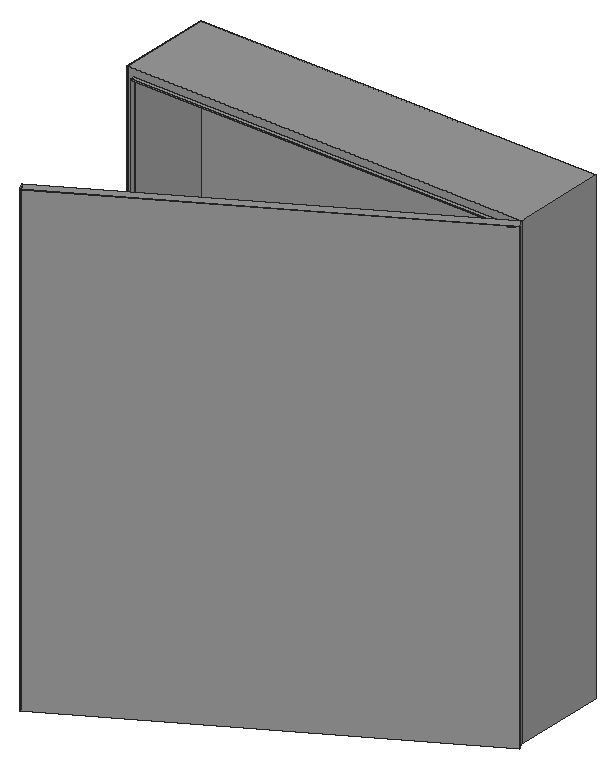
Revit family "Hager-Univers-IP44-D205-H950-Cl.I-encl-NoHosted-PL-en", category Equipement électrique, Revit 2020
Family settings
  Configuration du panneau = Deux colonnes, circuits au sein
  Cote de connecteur circulaire = Utiliser le diamètre
  Type d'élément = Tableau de raccordement
  Basée sur le plan de construction = Oui
  Toujours verticalement = Oui
  Couper avec des vides une fois chargée = Non
  Partagée = Non
  Point de calcul de pièce = Non
Parameters (values of type "Surface mounted (plaster) IP44 W800 H950 D205  - FP63TN2")
  Width Control [instance] = if([EF000008 - Width] > Min Width, [EF000008 - Width], Min Width)  # 800 mm
  Commentaires du type = [HG000003 - Range]  # "Univers"
  Thickness Door [instance] = if([EF009171 - Material plate thickness door/cover] > 3 mm, 3 mm, [EF009171 - Material plate thickness door/cover])  # 1 mm
  Seal Frame Offset [instance] = 17 mm  # constant formula
  Plinth Visibility [instance] = [HG000027 - Plinth height] > 0 mm  # no
  Min Width [instance] = 100 mm  # constant formula
  Min Depth [instance] = (2 * [EF009170 - Material plate thickness cabinet]) + 1 mm  # 3 mm
  Min Height [instance] = 100 mm  # constant formula
  Internal Frame Depth [instance] = (Door System Depth * 0.5)  # 9 mm
  Panel Name [instance] = ""  # (empty or 0)
  Model = ""
  HG000027 - Plinth height = 0 mm
  HG000026 - Floor standing = no
  HG000024 - Bottom section height = 600 mm
  HG000023 - Double section enclosure = no
  HG000016 - Door 3d visibility [instance] = yes
  HG000015 - Clearance visibility [instance] = no
  HG000014 - Door on the right [instance] = yes
  HG000013 - Door on the left [instance] = not([HG000014 - Door on the right])  # no
  HG000012 - Door swing angle [instance] = 30.00°
  HG000010 - Asymmetric doors = no
  HG000009 - Double swing door = no
  HG000006 - Flush mounted = no
  HG000004 - Manufacturer reference = "FP63TN2"
  HG000003 - Range = "Univers"
  HG000002 - With door or cover = yes
  Frame Offset Bottom [instance] = 10 mm  # constant formula
  Frame Offset [instance] = 15 mm  # constant formula
  EF015940 - Cover with overpressure release = no
  EF011959 - Degree of protection (NEMA) = ""
  EF009554 - Number of openings for flange plates = 6
  EF009212 - Cover model = "EV000116 - Closed"
  EF009171 - Material plate thickness door/cover = 1 mm
  EF009170 - Material plate thickness cabinet = 1 mm
  EF008873 - Nominal current (In) = 250 A
  EF007800 - Suitable for lightning protection = no
  EF006306 - With lock = no
  EF006244 - Transparent cover/door = no
  EF005474 - Degree of protection (IP) = "EV006418 - IP44"
  EF004464 - Type of door = "EV002646 - Single"
  EF004427 - Number of modules = 216
  EF004293 - Impact strength = "EV006815 - IK09"
  EF003532 - Suitable for outdoor use = no
  EF002950 - Width in number of modular spacings = 36
  EF001613 - Circuit integrity = "EV000494 - None"
  EF001596 - Material housing = "EV000179 - Steel"
  EF001131 - Internal depth = 130 mm
  EF001088 - Extension possible = yes
  EF000437 - Number of conduit inlets = 6
  EF000339 - Type of cover = "EV001012 - Cover"
  EF000266 - Number of rows = 6
  EF000218 - Built-in depth = 205 mm
  EF000118 - With mounting plate = no
  EF000116 - RAL-number = "9010"
  EF000049 - Depth = 205 mm
  EF000040 - Height = 950 mm
  EF000008 - Width = 800 mm
  EF000007 - Colour = "EV000202 - White"
  EF000003 - Mounting method = "EV000384 - Surface mounted (plaster)"
  Door System Leaf Tolerance [instance] = 1.5 mm  # constant formula
  Door System Depth [instance] = 18 mm  # constant formula
  Door Height [instance] = Height Control - [HG000027 - Plinth height]  # 950 mm
  Description = ""
  Default Elevation = 1219.2 mm
  Connector Offset [instance] = Height Control / 2  # 475 mm
  Fabricant = "Hager"  # constant formula
  Height Control [instance] = if([EF000040 - Height] > Min Height, [EF000040 - Height], Min Height)  # 950 mm
  Depth Control [instance] = if([EF000049 - Depth] > Min Depth, [EF000049 - Depth], Min Depth)  # 205 mm
  Bottom Top Plate Trim [instance] = 1.5 mm  # constant formula
  Plinth height Ctrl [instance] = if([HG000027 - Plinth height] > 0 mm, [HG000027 - Plinth height], 12 mm)  # 12 mm
Types (5, lengths in mm): name | Width Control | HG000010 - Asymmetric doors | HG000009 - Double swing door | HG000004 - Manufacturer reference | EF009554 - Number of openings for flange plates | EF004464 - Type of door | EF004427 - Number of modules | EF002950 - Width in number of modular spacings | EF000437 - Number of conduit inlets | EF000008 - Width
  Surface mounted (plaster) IP44 W1050 H950 D205  - FP64TN2 | 1050 | no | yes | "FP64TN2" | 8 | "EV003602 - Double" | 288 | 48 | 8 | 1050
  Surface mounted (plaster) IP44 W1300 H950 D205  - FP65TN2 | 1300 | yes | yes | "FP65TN2" | 10 | "EV003602 - Double" | 360 | 60 | 10 | 1300
  Surface mounted (plaster) IP44 W300 H950 D205  - FP61TN2 | 300 | no | no | "FP61TN2" | 2 | "EV002646 - Single" | 72 | 12 | 2 | 300
  Surface mounted (plaster) IP44 W550 H950 D205  - FP62TN2 | 550 | no | no | "FP62TN2" | 4 | "EV002646 - Single" | 144 | 24 | 4 | 550
  Surface mounted (plaster) IP44 W800 H950 D205  - FP63TN2 | 800 | no | no | "FP63TN2" | 6 | "EV002646 - Single" | 216 | 36 | 6 | 800
Reference planes
  plane 1 "Center (Front/Back)": y = 0
  plane 2: z = 0
  plane 3 "Center (Left/Right)": x = 0
  plane 4: y = 0
  plane 5: y = 0
  plane 6: z = 0
  plane 7: x = -400
  plane 8: x = 400
  plane 9: x = 399
  plane 10: x = -399
  plane 11: z = 0
  plane 12: z = 1
  plane 13: y = -205
  plane 14: y = -1
  plane 15: x = 0
  plane 16: y = -187
  plane 17: y = -204
  plane 18: y = -186
  plane 19: x = -384
  plane 20: x = 384
  plane 21: z = 11
  plane 22: x = -383
  plane 23: x = 383
  plane 24: z = 0
  plane 25: z = 950
  plane 26: z = 950
  plane 27: z = 934
  plane 28: z = 949
Forms (mm)
  Extrusion 1, solid, material "Hager_Steel_RAL7035_Light_Grey", detail levels medium+fine
    sketch origin (-208.679, -4572, 0) x (-1, 0, 0) y (0, -1, 0)
      loop
        line (191.321, -4385) -> (-608.679, -4385) -> (-608.679, -4572) -> (191.321, -4572) -> (191.321, -4385)
    from 0 to 950
  Extrusion 2, void
    sketch origin (-350.771, -205, 1219.2) x (1, 0, 0) y (0, 0, 1)
      loop
        line (-48.229, -270.2) -> (-48.229, -1218.2) -> (749.771, -1218.2) -> (749.771, -270.2) -> (-48.229, -270.2)
    from -19 to -204
  Extrusion 3, void
    sketch origin (-290.084, -187, 1219.2) x (1, 0, 0) y (0, 0, 1)
      loop
        line (-93.916, -1208.2) -> (674.084, -1208.2) -> (674.084, -285.2) -> (-93.916, -285.2) -> (-93.916, -1208.2)
    from 0 to -1
  Extrusion 4, solid, material "Hager_Steel_RAL7035_Light_Grey", visible <- "Plinth Visibility", detail levels medium+fine
    sketch origin (0, 0, 0) x (1, 0, 0) y (0, 1, 0)
      loop
        line (-400, 0) -> (-400, -187) -> (400, -187) -> (400, 0) -> (-400, 0)
    from 0 to 12 <- "Plinth height Ctrl"
  Extrusion 5, solid, material "Hager_Steel_RAL7035_Light_Grey", detail levels coarse
    sketch origin (0, 0, 0) x (1, 0, 0) y (0, 1, 0)
      loop
        line (-400, 0) -> (-400, -205) -> (400, -205) -> (400, 0) -> (-400, 0)
    from 0 to 950 <- "Height Control"
  Sweep 6, void
    path in 3D
      loop
        line (-400, -187, 12) -> (400, -187, 12) -> (400, 0, 12) -> (-400, 0, 12) -> (-400, -187, 12)
    profile origin (-400, -93.5, 12) x (1, 0, 0) y (0, 0, 1)
      loop
        line (0, 0) -> (0, -1.5) -> (1.5, -1.5)
        arc (1.5, -1.5) -> (1.061, -0.439) -> (0, 0) r 1.5
  Extrusion 7, solid, material "Hager_Steel_RAL7035_Light_Grey", detail levels fine
    sketch origin (-400, -187, 0) x (1, 0, 0) y (0, 0, 1)
      loop
        line (16, 11) -> (784, 11) -> (784, 934) -> (16, 934) -> (16, 11)
      loop
        line (15, 10) -> (785, 10) -> (785, 935) -> (15, 935) -> (15, 10)
    from 0 to 9 <- "Internal Frame Depth"
Cuts and joins
  Extrusion 2, Extrusion 3 cuts Extrusion 1
  Sweep 6 cuts Extrusion 4
Lines and regions (mm)
  Masking region 1
    outline origin (0, 0, 0) x (1, 0, 0) y (0, 1, 0)
      loop
        line (-400, 0) -> (-400, -205) -> (400, -205) -> (400, 0) -> (-400, 0)
  Masking region 2, detail levels coarse
    outline origin (-290.084, -187, 1219.2) x (-1, 0, 0) y (0, 0, 1)
      loop
        line (-690.084, -1219.2) -> (109.916, -1219.2) -> (109.916, -269.2) -> (-690.084, -269.2) -> (-690.084, -1219.2)
  Masking region 3, detail levels coarse
    outline origin (0, 0, 0) x (0, 1, 0) y (0, 0, 1)
      loop
        line (0, 0) -> (0, 950) -> (-205, 950) -> (-205, 0) -> (0, 0)
  Masking region 4, visible <- "Plinth Visibility", detail levels medium+fine
    outline origin (0, 0, 0) x (0, 1, 0) y (0, 0, 1)
      loop
        line (-1.5, 12) -> (-185.5, 12)
        arc (-185.5, 12) -> (-185.939, 10.939) -> (-187, 10.5) r 1.5
        line (-187, 10.5) -> (-187, 0) -> (0, 0) -> (0, 10.5)
        arc (0, 10.5) -> (-1.061, 10.939) -> (-1.5, 12) r 1.5
  Masking region 5, detail levels medium+fine
    outline origin (0, 0, 594.038) x (0, 1, 0) y (0, 0, 1)
      loop
        line (0, -594.038) -> (0, 355.962) -> (-187, 355.962) -> (-187, -594.038) -> (0, -594.038)
  Masking region 6, detail levels medium+fine
    outline origin (-359.7, -187, 1211.883) x (-1, 0, 0) y (0, 0, 1)
      loop
        line (-759.7, -1211.883) -> (40.3, -1211.883) -> (40.3, -261.883) -> (-759.7, -261.883) -> (-759.7, -1211.883)
  Masking region 7, visible <- "Plinth Visibility", detail levels medium+fine
    outline origin (-320.334, -187, 1041.368) x (-1, 0, 0) y (0, 0, 1)
      loop
        line (-720.334, -1041.368) -> (79.666, -1041.368) -> (79.666, -1030.868)
        arc (79.666, -1030.868) -> (78.606, -1030.429) -> (78.166, -1029.368) r 1.5
        line (78.166, -1029.368) -> (-718.834, -1029.368)
        arc (-718.834, -1029.368) -> (-719.273, -1030.429) -> (-720.334, -1030.868) r 1.5
        line (-720.334, -1030.868) -> (-720.334, -1041.368)
  sketch lines
    curve 1: line (-400, 0, 12) -> (-400, -187, 12)
    curve 2: line (-400, -187, 12) -> (400, -187, 12)
    curve 3: line (400, 0, 12) -> (-400, 0, 12)
    curve 4: line (400, -187, 12) -> (400, 0, 12)
Dimensions and locks
  locked: plane 1 "Center (Front/Back)" to plane 5
  "EF009170 - Material plate thickness cabinet": plane 7 to plane 10
  "EF009170 - Material plate thickness cabinet": plane 8 to plane 9
  equal spacing: plane 7, plane 3 "Center (Left/Right)", plane 8
  "Width Control": plane 7 to plane 8
  "Depth Control": plane 4 to plane 13
  "EF009170 - Material plate thickness cabinet": plane 4 to plane 14
  "Height Control": plane 25 to level
  "HG000027 - Plinth height": plane 11 to level
  "EF009170 - Material plate thickness cabinet": plane 12 to plane 11
  "EF009170 - Material plate thickness cabinet": plane 17 to plane 13
  "EF009170 - Material plate thickness cabinet": plane 18 to plane 16
  "Frame Offset Bottom": plane 21 to plane 12
  "Frame Offset": plane 10 to plane 19
  "Frame Offset": plane 9 to plane 20
  "Door System Depth": plane 16 to plane 13
  "Seal Frame Offset": plane 7 to plane 22
  "Seal Frame Offset": plane 8 to plane 23
  "EF009170 - Material plate thickness cabinet": plane 26 to plane 28
  "Frame Offset": plane 28 to plane 27
  "Connector Offset": plane 2 to connector elem
  "Bottom Top Plate Trim": profile plane to Sweep 6 sketch curve
  "Bottom Top Plate Trim": Sweep 6 sketch curve to Sweep 6 sketch curve
  "Plinth height Ctrl": Masking region 4 sketch curve to level
  "Plinth height Ctrl": Masking region 7 sketch curve to level
  "Thickness Door": Extrusion 7 sketch curve to Extrusion 7 sketch curve  (x4)
  "Bottom Top Plate Trim": radius of Sweep 6 sketch curve
  "Bottom Top Plate Trim": radius of Masking region 4 sketch curve  (x2)
  "Bottom Top Plate Trim": radius of Masking region 7 sketch curve  (x2)
  aligned and locked: Extrusion 2 sketch curve to plane 12
  aligned and locked: Extrusion 2 sketch curve to plane 9
  aligned and locked: Extrusion 2 sketch curve to plane 10
  aligned and locked: Extrusion 2 to plane 14
  aligned and locked: Extrusion 1 sketch curve to plane 4
  aligned and locked: plane 8 to Extrusion 1 sketch curve
  aligned and locked: plane 7 to Extrusion 1 sketch curve
  aligned and locked: Extrusion 2 to plane 18
  aligned and locked: Extrusion 3 sketch curve to plane 19
  aligned and locked: plane 20 to Extrusion 3 sketch curve
  aligned and locked: Extrusion 3 to Extrusion 2
  aligned and locked: Extrusion 3 sketch curve to plane 21
  aligned and locked: plane 3 "Center (Left/Right)" to nested 1
  aligned and locked: Extrusion 1 sketch curve to plane 16
  aligned and locked: Extrusion 4 sketch curve to cut or joined group of Extrusion 1, Extrusion 2, Extrusion 3
  aligned and locked: Masking region 1 sketch curve to plane 7
  aligned and locked: Masking region 1 sketch curve to plane 5
  aligned and locked: Masking region 1 sketch curve to plane 8
  aligned and locked: Masking region 2 sketch curve to level
  aligned and locked: level to Masking region 3 sketch curve
  aligned and locked: plane 1 "Center (Front/Back)" to Masking region 3 sketch curve
  aligned and locked: plane 13 to Masking region 3 sketch curve
  aligned and locked: plane 5 to Masking region 4 sketch curve
  aligned and locked: Masking region 2 sketch curve to plane 8
  aligned and locked: Masking region 2 sketch curve to plane 7
  aligned and locked: plane 7 to nested 2
  aligned and locked: nested 2 to plane 5
  aligned and locked: plane 5 to Masking region 5 sketch curve
  aligned and locked: plane 26 to Masking region 5 sketch curve
  aligned and locked: Extrusion 5 sketch curve to plane 8
  aligned and locked: Extrusion 5 sketch curve to plane 7
  aligned and locked: Extrusion 5 sketch curve to plane 5
  aligned and locked: Extrusion 3 sketch curve to plane 27
  aligned and locked: Extrusion 2 sketch curve to plane 28
  aligned and locked: Masking region 2 to plane 25
  aligned and locked: Extrusion 4 to plane 16
  aligned and locked: profile plane to Sweep 6 sketch curve
  aligned and locked: Masking region 5 sketch curve to plane 24
  aligned and locked: level to Masking region 4 sketch curve
  aligned and locked: Masking region 1 to plane 13
  aligned and locked: nested 1 to plane 16
  aligned and locked: Masking region 3 to plane 25
  aligned and locked: plane 16 to Masking region 4 sketch curve
  aligned and locked: Masking region 5 sketch curve to plane 16
  aligned and locked: plane 24 to plane 11
  aligned and locked: plane 26 to plane 25
  aligned and locked: plane 26 to cut or joined group of Extrusion 1, Extrusion 2, Extrusion 3
  aligned and locked: nested 1 to plane 24
  aligned and locked: Extrusion 1 to Extrusion 3
  aligned and locked: Masking region 6 sketch curve to plane 8
  aligned and locked: Masking region 6 sketch curve to plane 24
  aligned and locked: Masking region 6 sketch curve to plane 7
  aligned and locked: Masking region 6 sketch curve to plane 26
  aligned and locked: Masking region 7 sketch curve to plane 7
  aligned and locked: level to Masking region 7 sketch curve
  aligned and locked: Masking region 7 sketch curve to plane 8
  aligned and locked: Extrusion 7 sketch curve to cut or joined group of Extrusion 1, Extrusion 2, Extrusion 3  (x4)
Automatic sketch dimensions
  plane 19 to Extrusion 3 sketch curve = 0 mm
  Extrusion 3 sketch curve to plane 20 = 0 mm
  Extrusion 3 sketch curve to plane 21 = 0 mm
  Extrusion 4 sketch curve to plane 7 = 0 mm
  Extrusion 4 sketch curve to plane 8 = 0 mm
  Extrusion 4 sketch curve to plane 16 = 0 mm
  Masking region 1 sketch curve to plane 13 = 0 mm
  Masking region 2 sketch curve to plane 25 = 0 mm
  Masking region 3 sketch curve to plane 25 = 0 mm
  Extrusion 5 sketch curve to plane 13 = 0 mm
  profile plane to Sweep 6 sketch curve = 0 mm
Nested families
  nested 1: "EC000058_Univers_Door" at (0, -187, 0), Double <- "HG000009 - Double swing door", Transparent <- "EF006244 - Transparent cover/door", Angle <- "HG000012 - Door swing angle", Door_Right <- "HG000014 - Door on the right", Assymetrical <- "HG000010 - Asymmetric doors", Door <- "HG000002 - With door or cover", Width_Ctrl <- "Width Control", 3d_Door <- "HG000016 - Door 3d visibility", Clearance <- "HG000015 - Clearance visibility", Door_Left <- "HG000013 - Door on the left", Width <- "Width Control", Door_Depth <- "Door System Depth", Leaf_Tolerance <- "Door System Leaf Tolerance", Height <- "Door Height", Lock_Visibility <- "EF006306 - With lock", Thickness <- "Thickness Door", type "EC000058_Univers_Door", detail levels medium+fine
    with min_wh 3 mm, Width_Ctrl 800 mm, Width 800 mm, Transparent no, Thickness 1 mm, Seal_Material Hager_Rubber, Lock_Visibility no, Lock_Material Hager_Plastic_RAL9005_Jet_Black, Leaf_Width 800 mm, Leaf_Tolerance_External_Sides 0 mm, Leaf_Tolerance 1.5 mm, Leaf_Offset 0 mm, Leaf_Height 947 mm, Leaf_2_Width 800 mm, Leaf_2_Offset 400 mm, Leaf_1_Width 800 mm, Leaf_1_Offset 400 mm, Height_Ctrl 950 mm, Height 950 mm, Glass_Material Hager_Glass, Double_Clearance_Ctrl no, Double no, Door_Right_Ctrl yes, Door_Right yes, Door_Material Hager_Steel_RAL7035_Light_Grey, Door_Left_Ctrl no, Door_Left no, Door_Depth 18 mm, Door yes, Clearance_Material Hager_Clearance, Clearance_Depth 800 mm, Clearance_Ctrl no, Clearance no, Assymetrical no, Angle 30.00°, 3d_Door yes
  nested 2: "Hager_Enclosure_Symbol" at (-400, 0, 0), Height <- "Depth Control", Width <- "Width Control", type "Hager_Enclosure_Symbol"
    with Width_Ctrl 800 mm, Width 800 mm, Height_Ctrl 205 mm, Height 205 mm, A_Width_Int 13.453 mm, A_Width 161.438 mm, A_Height_Ctrl 179.375 mm, A_Height 179.375 mm
Connectors
  electrical at (0, 0, 475)
    settings: on plane 1 "Center (Front/Back)", index 1, voltage 0 V, apparent load 0 VA, apparent load phase1 0 VA, apparent load phase2 0 VA, apparent load phase3 0 VA, power factor 1, load classification "Other", number of poles 1, system type 30, power factor state 1, is connector primary yes, connector utility no, sub classification motor no, connector description ""
Definition of nested family "EC000058_Univers_Door"
  Parameters (values of type "EC000058_Univers_Door")
    min_wh [instance] = (2 * Thickness) + 1 mm  # 11 mm
    Width_Ctrl [instance] = 400 mm
    Width [instance] = 500 mm
    Transparent [instance] = yes
    Thickness [instance] = 5 mm
    Seal_Material [instance] = none
    Lock_Visibility [instance] = yes
    Lock_Material [instance] = none
    Leaf_Width [instance] = if((Width_Ctrl - 2 * Leaf_Tolerance_External_Sides) > 0 mm, (Width_Ctrl - 2 * Leaf_Tolerance_External_Sides), min_wh)  # 400 mm
    Leaf_Tolerance_External_Sides [instance] = 0 mm  # constant formula
    Leaf_Tolerance [instance] = 1.5 mm
    Leaf_Offset [instance] = 0 mm  # constant formula
    Leaf_Height [instance] = if((Height_Ctrl - 2 * Leaf_Tolerance) > 0 mm, (Height_Ctrl - 2 * Leaf_Tolerance), min_wh)  # 497 mm
    Leaf_2_Width [instance] = if(and(and(Double, Assymetrical), Door_Left), (Leaf_Width / 3) - (Leaf_Tolerance / 2), if(and(and(Double, Assymetrical), Door_Right), (Leaf_Width / 3) * 2 - (Leaf_Tolerance / 2), if(and(Double, not(Assymetrical)), (Leaf_Width / 2) - Leaf_Tolerance, Leaf_Width)))  # 400 mm
    Leaf_2_Offset [instance] = if(and(Double, Assymetrical), Leaf_2_Width / 2, if(and(Double, not(Assymetrical)), Leaf_Width / 4, Leaf_Width / 2))  # 200 mm
    Leaf_1_Width [instance] = if(and(and(Double, Assymetrical), Door_Right), (Leaf_Width / 3) - (Leaf_Tolerance / 2), if(and(and(Double, Assymetrical), Door_Left), (Width / 3) * 2 - (Leaf_Tolerance / 2), if(and(Double, not(Assymetrical)), (Leaf_Width / 2) - Leaf_Tolerance, Leaf_Width)))  # 400 mm
    Leaf_1_Offset [instance] = if(and(Double, Assymetrical), Leaf_1_Width / 2, if(and(Double, not(Assymetrical)), Leaf_Width / 4, Leaf_Width / 2))  # 200 mm
    Height_Ctrl [instance] = if(Height > min_wh, Height, min_wh)  # 500 mm
    Height [instance] = 500 mm
    Glass_Material [instance] = none
    Double_Clearance_Ctrl [instance] = and(Double, Clearance)  # no
    Double [instance] = no
    Door_Right_Ctrl [instance] = and(or(Door_Right, Double), Door)  # yes
    Door_Right [instance] = yes
    Door_Material [instance] = none
    Door_Left_Ctrl [instance] = and(or(Door_Left, Double), Door)  # no
    Door_Left [instance] = no
    Door_Depth [instance] = 30 mm
    Door [instance] = yes
    Default Elevation = 1219.2 mm
    Clearance_Material [instance] = none
    Clearance_Depth [instance] = if(Leaf_1_Width > Leaf_2_Width, Leaf_1_Width, Leaf_2_Width)  # 400 mm
    Clearance_Ctrl [instance] = and(not(Double), Clearance)  # yes
    Clearance [instance] = yes
    Assymetrical [instance] = yes
    Angle [instance] = 30.00°
    3d_Door [instance] = yes
  Reference planes
    plane 1 "Center (Front/Back)": y = 0
    plane 2 "Bottom": z = 0
    plane 3 "Center (Left/Right)": x = 0
    plane 4: z = 500
    plane 5: x = -200
    plane 6: x = 200
    plane 7: z = 500
    plane 8: x = -200
    plane 9: z = 0
    plane 10: x = 200
    plane 11: y = 0
    plane 12: z = 1.5
    plane 13: x = -600
    plane 14: y = -400
    plane 15: x = 600
    plane 16: x = 0
    plane 17: x = 0
    plane 18: x = -200
    plane 19: x = 200
    plane 20: z = 498.5
  Forms (mm)
    Extrusion 1, solid, material <- "Clearance_Material", visible <- "Double_Clearance_Ctrl"
      sketch origin (1200, 0, 0) x (1, 0, 0) y (0, 0, -1)
        loop
          line (-1800, -498.5) -> (-600, -498.5) -> (-600, 0) -> (-1800, 0) -> (-1800, -498.5)
      from 0 to -400
  Dimensions and locks
    equal spacing: plane 5, plane 3 "Center (Left/Right)", plane 6
    "Width_Ctrl": plane 5 to plane 6
    "Leaf_Offset": plane 5 to plane 8
    "Leaf_Offset": plane 6 to plane 10
    "Leaf_Offset": plane 9 to level
    "Leaf_Offset": plane 4 to plane 7
    "Height_Ctrl": plane 4 to level
    "Leaf_Tolerance": plane 12 to plane 9
    locked: plane 11 to plane 1 "Center (Front/Back)"
    "Leaf_1_Offset": plane 18 to plane 16
    "Leaf_2_Offset": plane 17 to plane 19
    "Leaf_1_Width": plane 13 to plane 8
    "Leaf_2_Width": plane 10 to plane 15
    "Clearance_Depth": plane 14 to plane 1 "Center (Front/Back)"
    "Leaf_Tolerance_External_Sides": plane 8 to plane 18
    "Leaf_Tolerance_External_Sides": plane 19 to plane 10
    "Leaf_Tolerance": plane 7 to plane 20
    aligned and locked: level to plane 2 "Bottom"
    aligned and locked: nested 1 to plane 16
    aligned and locked: nested 2 to plane 17
    aligned and locked: Extrusion 1 to plane 13
    aligned and locked: plane 15 to Extrusion 1
    aligned and locked: Extrusion 1 to plane 14
    aligned and locked: plane 12 to nested 1
    aligned and locked: nested 2 to plane 12
    aligned and locked: Extrusion 1 to plane 11
    aligned and locked: plane 20 to Extrusion 1
    aligned and locked: nested 2 to plane 11
    aligned and locked: nested 1 to plane 11
  Automatic sketch dimensions
    Extrusion 1 sketch curve to level = 0 mm
    plane 5 to Extrusion 1 sketch curve = 400 mm
    plane 6 to Extrusion 1 sketch curve = 400 mm
    Extrusion 1 sketch curve to plane 4 = 1.5 mm
  Nested families
    nested 1: "EC000058_Univers_Door_Leaf" at (0, 0, 1.5), Width <- "Leaf_1_Width", visible <- "Door_Left_Ctrl", Leaf_Height <- "Leaf_Height", Angle <- "Angle", 3d_Door <- "3d_Door", Transparent <- "Transparent", Clearance Material <- "Clearance_Material", Clearance <- "Clearance_Ctrl", Door_Material <- "Door_Material", Glass_Material <- "Glass_Material", Door_Depth <- "Door_Depth", Lock_Material <- "Lock_Material", Seal_Material <- "Seal_Material", Lock_Visibility <- "Lock_Visibility", Thickness <- "Thickness", type "EC000058_Univers_Door_Leaf"
      with Width 400 mm, Transparent_Glass_Offset 30 mm, Transparent_Ctrl yes, Transparent yes, Thickness 5 mm, Standard no, Seal_Material none, Seal_D2 8 mm, Seal_D1 1 mm, Offset_Internal_Frame 10 mm, Lock_Width 20 mm, Lock_Visibility_3d yes, Lock_Visibility yes, Lock_Thickness_3 3 mm, Lock_Thickness_2 1 mm, Lock_Thickness_1 3 mm, Lock_Radius_Offset_2 16 mm, Lock_Radius_Offset_1 15 mm, Lock_Radius_2 5 mm, Lock_Radius 6 mm, Lock_Offset 5 mm, Lock_Material none, Lock_Height 80 mm, Lock_Cover_Top_Offset_2d 17 mm, Lock_Cover_Height -65 mm, Leaf_Height 497 mm, Internal_Seal_Thickness 8 mm, Internal_Seal_Depth_2 4.5 mm, Internal_Frame_Depth 25 mm, Glass_Thickness -1 mm, Glass_Offset -2 mm, Glass_Material none, Door_Material none, Door_Depth 30 mm, Clearance Material none, Clearance yes, Angle_Ctrl 30.00°, Angle 30.00°, 3d_Door yes
    nested 2: "EC000058_Univers_Door_Leaf" at (0, 0, 1.5) x (-1, 0, 0) z (0, 0, 1), Width <- "Leaf_2_Width", visible <- "Door_Right_Ctrl", Leaf_Height <- "Leaf_Height", Angle <- "Angle", 3d_Door <- "3d_Door", Transparent <- "Transparent", Clearance Material <- "Clearance_Material", Clearance <- "Clearance_Ctrl", Door_Material <- "Door_Material", Glass_Material <- "Glass_Material", Door_Depth <- "Door_Depth", Lock_Material <- "Lock_Material", Seal_Material <- "Seal_Material", Lock_Visibility <- "Lock_Visibility", Thickness <- "Thickness", type "EC000058_Univers_Door_Leaf"
      with Width 400 mm, Transparent_Glass_Offset 30 mm, Transparent_Ctrl yes, Transparent yes, Thickness 5 mm, Standard no, Seal_Material none, Seal_D2 8 mm, Seal_D1 1 mm, Offset_Internal_Frame 10 mm, Lock_Width 20 mm, Lock_Visibility_3d yes, Lock_Visibility yes, Lock_Thickness_3 3 mm, Lock_Thickness_2 1 mm, Lock_Thickness_1 3 mm, Lock_Radius_Offset_2 16 mm, Lock_Radius_Offset_1 15 mm, Lock_Radius_2 5 mm, Lock_Radius 6 mm, Lock_Offset 5 mm, Lock_Material none, Lock_Height 80 mm, Lock_Cover_Top_Offset_2d 17 mm, Lock_Cover_Height -65 mm, Leaf_Height 497 mm, Internal_Seal_Thickness 8 mm, Internal_Seal_Depth_2 4.5 mm, Internal_Frame_Depth 25 mm, Glass_Thickness -1 mm, Glass_Offset -2 mm, Glass_Material none, Door_Material none, Door_Depth 30 mm, Clearance Material none, Clearance yes, Angle_Ctrl 30.00°, Angle 30.00°, 3d_Door yes
  Definition of nested family "EC000058_Univers_Door_Leaf"
    Parameters (values of type "EC000058_Univers_Door_Leaf")
      Width [instance] = 2000 mm
      Transparent_Glass_Offset [instance] = 30 mm
      Transparent_Ctrl [instance] = and(Transparent, [3d_Door])  # yes
      Transparent [instance] = yes
      Thickness [instance] = 5 mm
      Standard [instance] = and(not(Transparent), [3d_Door])  # no
      Seal_Material [instance] = none
      Seal_D2 [instance] = 8 mm  # constant formula
      Seal_D1 [instance] = 1 mm  # constant formula
      Offset_Internal_Frame [instance] = 10 mm  # constant formula
      Lock_Width [instance] = 20 mm  # constant formula
      Lock_Visibility_3d [instance] = and(Lock_Visibility, [3d_Door])  # yes
      Lock_Visibility [instance] = yes
      Lock_Thickness_3 [instance] = 3 mm  # constant formula
      Lock_Thickness_2 [instance] = 1 mm  # constant formula
      Lock_Thickness_1 [instance] = 3 mm  # constant formula
      Lock_Radius_Offset_2 [instance] = Lock_Radius_Offset_1 + 1 mm  # 16 mm
      Lock_Radius_Offset_1 [instance] = 15 mm  # constant formula
      Lock_Radius_2 [instance] = Lock_Radius - 1 mm  # 5 mm
      Lock_Radius [instance] = 6 mm  # constant formula
      Lock_Offset [instance] = 5 mm  # constant formula
      Lock_Material [instance] = none
      Lock_Height [instance] = 80 mm  # constant formula
      Lock_Cover_Top_Offset_2d [instance] = Lock_Radius_Offset_2 + 1 mm  # 17 mm
      Lock_Cover_Height [instance] = -(Lock_Height - Lock_Radius_Offset_1)  # -65 mm
      Leaf_Height [instance] = 2720.336 mm
      Internal_Seal_Thickness [instance] = 8 mm  # constant formula
      Internal_Seal_Depth_2 [instance] = 4.5 mm  # constant formula
      Internal_Frame_Depth [instance] = if(Door_Depth - Thickness > 5 mm, Door_Depth - Thickness, 5 mm)  # 25 mm
      Glass_Thickness [instance] = if(Thickness > 15 mm, Glass_Offset + 10 mm, -1 mm)  # -1 mm
      Glass_Offset [instance] = if(Thickness > 15 mm, -(Thickness + 10 mm) / 2, -2 mm)  # -2 mm
      Glass_Material [instance] = none
      Door_Material [instance] = none
      Door_Depth [instance] = 30 mm
      Default Elevation = 0 mm
      Clearance Material [instance] = none
      Clearance [instance] = yes
      Angle_Ctrl [instance] = if(Angle > 180.00°, 180.00°, Angle)  # 90.00°
      Angle [instance] = 90.00°
      3d_Door [instance] = yes
    Reference planes
      plane 1 "Center (Front/Back)": y = 0
      plane 2: z = 0
      plane 3 "Center (Left/Right)": x = 0
      plane 4: y = 2000
      plane 5: x = -1000
      plane 6: x = 1000
      plane 7: x = -3000
      plane 8: z = 2720.336
      plane 9: z = 30
      plane 10: z = 2690.336
      plane 11: x = 970
      plane 12: x = -970
      plane 13: y = -3
      plane 14: z = 107.833
      plane 15: y = -5
      plane 16: y = -223.314
      plane 17: x = -1000
      plane 18: z = 1360.168
      plane 19: y = 30
    Forms (mm)
      Extrusion 1, solid, material <- "Clearance Material", visible <- "Clearance"
        sketch origin (0, 0, 0) x (1, 0, 0) y (0, 0, 1)
          loop
            line (-3000, 2720.336) -> (-3000, 0) -> (1000, 0) -> (1000, 2720.336) -> (-3000, 2720.336)
        from 0 to -2000
      Extrusion 2, solid, material <- "Door_Material", visible <- "Standard", detail levels medium+fine
        sketch origin (-1000, 0, 0) x (0, 1, 0) y (-1, 0, 0)
          loop
            line (0, 30) -> (0, 25) -> (2000, 25) -> (2000, 30) -> (0, 30)
        from 0 to 2720.336 <- "Leaf_Height"
      Extrusion 3, solid, material <- "Door_Material", visible <- "Transparent_Ctrl", detail levels medium+fine
        sketch origin (-1000, 0, 0) x (0, 1, 0) y (-1, 0, 0)
          loop
            line (0, 25) -> (2000, 25) -> (2000, 30) -> (0, 30) -> (0, 25)
        from 0 to 2720.336 <- "Leaf_Height"
      Extrusion 4, void
        sketch origin (-1025, 2000, 0) x (0, 1, 0) y (0, 0, -1)
          loop
            line (-30, -2690.336) -> (-30, -30) -> (-1970, -30) -> (-1970, -2690.336) -> (-30, -2690.336)
        from 0 to 5 <- "Thickness"
      Sweep 5, solid, material <- "Seal_Material", visible <- "Transparent_Ctrl", detail levels fine
        path in 3D
          loop
            line (-1025, 30, 30) -> (-1025, 30, 2690.336) -> (-1025, 1970, 2690.336) -> (-1025, 1970, 30) -> (-1025, 30, 30)
        profile origin (-1025, 1000, 30) x (1, 0, 0) y (0, 0, 1)
          loop
            line (0, 0) -> (0, -8) -> (1, -8) -> (1, 0) -> (0, 0)
      Extrusion 6, solid, material <- "Glass_Material", visible <- "Transparent_Ctrl", detail levels medium+fine
        sketch origin (-1030, 0, 0) x (0, 1, 0) y (0, 0, -1)
          loop
            line (1970, -2690.336) -> (1970, -30) -> (30, -30) -> (30, -2690.336) -> (1970, -2690.336)
        from -2 <- "Glass_Offset" to -1 <- "Glass_Thickness"
      Extrusion 7, solid, material <- "Door_Material", visible <- "3d_Door", detail levels medium+fine
        sketch origin (-1025, 2000, 0) x (0, -1, 0) y (0, 0, -1)
          loop
            line (0, -2720.336) -> (2000, -2720.336) -> (2000, 0) -> (0, 0) -> (0, -2720.336)
          loop
            line (1995, -5) -> (5, -5) -> (5, -2715.336) -> (1995, -2715.336) -> (1995, -5)
        from 0 to 25 <- "Internal_Frame_Depth"
      Sweep 8, solid, material <- "Seal_Material", visible <- "Transparent_Ctrl", detail levels fine
        path in 3D
          loop
            line (-1025, 0, 0) -> (-1025, 2000, 0) -> (-1025, 2000, 2720.336) -> (-1025, 0, 2720.336) -> (-1025, 0, 0)
        profile origin (-1025, 0, 1360.168) x (1, 0, 0) y (0, 1, 0)
          loop
            line (0, 10) -> (2.975, 10)
            arc (2.975, 10) -> (4.053, 10.447) -> (4.5, 11.525) r 1.525
            line (4.5, 11.525) -> (4.5, 16.527)
            arc (4.5, 16.527) -> (4.069, 17.569) -> (3.027, 18) r 1.473
            line (3.027, 18) -> (0, 18) -> (0, 10)
      Extrusion 9, solid, material <- "Lock_Material", visible <- "Lock_Visibility_3d", detail levels fine
        sketch origin (-1030, 0, 0) x (0, 1, 0) y (0, 0, -1)
          loop
            arc (1993.5, -1400.168) -> (1994.561, -1399.729) -> (1995, -1398.668) r 1.5
            line (1995, -1398.668) -> (1995, -1320.168) -> (1975, -1320.168) -> (1975, -1398.668)
            arc (1975, -1398.668) -> (1975.439, -1399.729) -> (1976.5, -1400.168) r 1.5
            line (1976.5, -1400.168) -> (1993.5, -1400.168)
        from 3 <- "Lock_Thickness_1" to 0
      Blend 10, solid, material <- "Lock_Material", visible <- "Lock_Visibility_3d", detail levels fine
        base sketch origin (-1033, 0, 0) x (0, 1, 0) y (0, 0, -1)
          loop
            line (1975, -1320.168) -> (1975, -1398.668)
            arc (1975, -1398.668) -> (1975.439, -1399.729) -> (1976.5, -1400.168) r 1.5
            line (1976.5, -1400.168) -> (1993.5, -1400.168)
            arc (1993.5, -1400.168) -> (1994.561, -1399.729) -> (1995, -1398.668) r 1.5
            line (1995, -1398.668) -> (1995, -1320.168) -> (1975, -1320.168)
        top sketch origin (-1033, 0, 0) x (0, 1, 0) y (0, 0, -1)
          loop
            line (1976, -1320.168) -> (1976, -1398.668)
            arc (1976, -1398.668) -> (1976.146, -1399.022) -> (1976.5, -1399.168) r 0.5
            line (1976.5, -1399.168) -> (1993.5, -1399.168)
            arc (1993.5, -1399.168) -> (1993.854, -1399.022) -> (1994, -1398.668) r 0.5
            line (1994, -1398.668) -> (1994, -1320.168) -> (1976, -1320.168)
        from 0 to 1 <- "Lock_Thickness_2"
      Blend 11, solid, material <- "Lock_Material", visible <- "Lock_Visibility_3d", detail levels fine
        base sketch origin (-1034, 0, 0) x (0, 1, 0) y (0, 0, -1)
          loop
            line (1978, -1320.168) -> (1978, -1384.168)
            arc (1978, -1384.168) -> (1985, -1391.168) -> (1992, -1384.168) r 7
            line (1992, -1384.168) -> (1992, -1320.168) -> (1978, -1320.168)
        top sketch origin (-1034, 0, 0) x (0, 1, 0) y (0, 0, -1)
          loop
            line (1991, -1320.168) -> (1979, -1320.168) -> (1979, -1383.168)
            arc (1979, -1383.168) -> (1985, -1389.168) -> (1991, -1383.168) r 6
            line (1991, -1383.168) -> (1991, -1320.168)
        from 0 to 3 <- "Lock_Thickness_3"
      Extrusion 12, solid, material <- "Lock_Material", visible <- "Lock_Visibility_3d", detail levels fine
        sketch origin (-1030, 1975, 1320.168) x (1, 0, 0) y (0, -1, 0)
          loop
            line (-7, -19) -> (-7, -1) -> (0, -1) -> (0, 0) -> (-8, 0) -> (-8, -20) -> (0, -20) -> (0, -19) -> (-7, -19)
        from 0 to -65 <- "Lock_Cover_Height"
      Extrusion 13, void
        sketch origin (-1038, 1995, 1320.168) x (-1, 0, 0) y (0, 0, -1)
          loop
            line (-5, -65) -> (0, -65) -> (-5, -60) -> (-5, -65)
        from 0 to 20 <- "Lock_Width"
      Extrusion 14, void
        sketch origin (-1038, 1975, 1320.168) x (0, -1, 0) y (0, 0, -1)
          loop
            circle (-10, -15.995) r 6
          loop
            circle (-10, -15.995) r 5
        from 0 to 2
      Extrusion 15, solid, material <- "Lock_Material", visible <- "Lock_Visibility_3d", detail levels medium
        sketch origin (-1030, 0, 0) x (0, 1, 0) y (0, 0, -1)
          loop
            arc (1993.5, -1400.168) -> (1994.561, -1399.729) -> (1995, -1398.668) r 1.5
            line (1995, -1398.668) -> (1995, -1320.168) -> (1975, -1320.168) -> (1975, -1398.668)
            arc (1975, -1398.668) -> (1975.439, -1399.729) -> (1976.5, -1400.168) r 1.5
            line (1976.5, -1400.168) -> (1993.5, -1400.168)
        from 8 to 0
    Cuts and joins
      Extrusion 4 cuts Extrusion 3
      Extrusion 13, Extrusion 14 cuts Extrusion 9
      Extrusion 14 cuts Blend 11
      Extrusion 13, Extrusion 14 cuts Extrusion 12
      joined: Extrusion 9, Blend 10, Blend 11, Extrusion 12
      Extrusion 14 cuts Extrusion 15
    Lines and regions (mm)
      Masking region 1, visible <- "Lock_Visibility", detail levels fine
        outline origin (0, 0, 0) x (0, 1, 0) y (0, 0, 1)
          loop
            line (30, 1320.168) -> (33, 1320.168) -> (33, 1400.168) -> (30, 1400.168) -> (30, 1320.168)
      Masking region 2, visible <- "Lock_Visibility", detail levels fine
        outline origin (0, 3.143, 0) x (0, 1, 0) y (0, 0, 1)
          loop
            line (29.857, 1354.168) -> (30.857, 1354.168) -> (30.857, 1366.168) -> (29.857, 1366.168) -> (29.857, 1354.168)
      Masking region 3, detail levels medium+fine
        outline origin (0, 0, 0) x (0, 1, 0) y (0, 0, 1)
          loop
            line (0, 0) -> (30, 0) -> (30, 2720.336) -> (0, 2720.336) -> (0, 0)
      Masking region 4, detail levels medium+fine
        outline origin (0, 0, 0) x (1, 0, 0) y (0, 0, 1)
          loop
            line (-1000, 2720.336) -> (-1000, 0) -> (1000, 0) -> (1000, 2720.336) -> (-1000, 2720.336)
      Masking region 5, visible <- "Lock_Visibility", detail levels fine
        outline origin (-47.116, 0, 0) x (1, 0, 0) y (0, 0, 1)
          loop
            arc (1024.616, 1399.168) -> (1023.556, 1398.729) -> (1023.116, 1397.668) r 1.5
            line (1023.116, 1397.668) -> (1023.116, 1320.168) -> (1041.116, 1320.168) -> (1041.116, 1397.668)
            arc (1041.116, 1397.668) -> (1040.677, 1398.729) -> (1039.616, 1399.168) r 1.5
            line (1039.616, 1399.168) -> (1024.616, 1399.168)
      Masking region 6, visible <- "Lock_Visibility", detail levels medium+fine
        outline origin (-25, 0, 0) x (1, 0, 0) y (0, 0, 1)
          loop
            arc (1001.5, 1400.168) -> (1000.439, 1399.729) -> (1000, 1398.668) r 1.5
            line (1000, 1398.668) -> (1000, 1320.168) -> (1020, 1320.168) -> (1020, 1398.668)
            arc (1020, 1398.668) -> (1019.561, 1399.729) -> (1018.5, 1400.168) r 1.5
            line (1018.5, 1400.168) -> (1001.5, 1400.168)
      Masking region 7, visible <- "Lock_Visibility", detail levels fine
        outline origin (-73.735, 0, 0) x (1, 0, 0) y (0, 0, 1)
          loop
            line (1051.735, 1382.168) -> (1065.735, 1382.168) -> (1065.735, 1384.168)
            arc (1065.735, 1384.168) -> (1058.735, 1391.168) -> (1051.735, 1384.168) r 7
            line (1051.735, 1384.168) -> (1051.735, 1382.168)
      Masking region 8, visible <- "Lock_Visibility", detail levels fine
        outline origin (-73.735, 0, 0) x (1, 0, 0) y (0, 0, 1)
          loop
            line (1052.735, 1382.168) -> (1064.735, 1382.168) -> (1064.735, 1383.168)
            arc (1064.735, 1383.168) -> (1058.735, 1389.168) -> (1052.735, 1383.168) r 6
            line (1052.735, 1383.168) -> (1052.735, 1382.168)
      Masking region 9, visible <- "Lock_Visibility", detail levels fine
        outline origin (-25, 0, 0) x (1, 0, 0) y (0, 0, 1)
          loop
            line (1020, 1320.168) -> (1020, 1382.168) -> (1000, 1382.168) -> (1000, 1320.168) -> (1020, 1320.168)
      Masking region 10, detail levels medium+fine
        outline origin (0, 0, 0) x (1, 0, 0) y (0, 0, 1)
          loop
            circle (985, 1335.144) r 6
      Masking region 11, detail levels fine
        outline origin (0, 0, 0) x (1, 0, 0) y (0, 0, 1)
          loop
            circle (985, 1335.144) r 5
      Masking region 12, visible <- "Lock_Visibility", detail levels fine
        outline origin (0, 12.767, 0) x (0, 1, 0) y (0, 0, 1)
          loop
            line (20.233, 1320.168) -> (21.233, 1320.168) -> (21.233, 1399.168) -> (20.233, 1400.168) -> (20.233, 1320.168)
      Masking region 13, visible <- "Lock_Visibility", detail levels fine
        outline origin (0, 13.767, -10) x (0, 1, 0) y (0, 0, 1)
          loop
            line (20.233, 1330.168) -> (23.233, 1330.168) -> (23.233, 1399.168) -> (20.233, 1402.168) -> (20.233, 1330.168)
      Masking region 14, visible <- "Lock_Visibility", detail levels fine
        outline origin (0, 12.767, -10) x (0, 1, 0) y (0, 0, 1)
          loop
            line (20.233, 1330.168) -> (25.233, 1330.168) -> (25.233, 1399.305) -> (20.233, 1394.305) -> (20.233, 1330.168)
      Masking region 15, visible <- "Lock_Visibility", detail levels medium
        outline origin (0, 0, 0) x (0, 1, 0) y (0, 0, 1)
          loop
            line (30, 1320.168) -> (38, 1320.168) -> (38, 1400.168) -> (30, 1400.168) -> (30, 1320.168)
      Masking region 16, visible <- "Lock_Visibility", detail levels fine
        outline origin (-1000, 0, 0) x (0, 1, 0) y (-1, 0, 0)
          loop
            line (1975, 30) -> (1995, 30) -> (1995, 38) -> (1975, 38) -> (1975, 30)
          loop
            line (1979, 37) -> (1976, 37) -> (1976, 34) -> (1978, 34) -> (1979, 37)
          loop
            line (1994, 37) -> (1991, 37) -> (1992, 34) -> (1994, 34) -> (1994, 37)
      Masking region 17, visible <- "Lock_Visibility", detail levels medium
        outline origin (-1000, 0, 0) x (0, 1, 0) y (-1, 0, 0)
          loop
            line (1975, 30) -> (1995, 30) -> (1995, 38) -> (1975, 38) -> (1975, 30)
      symbolic lines
        curve 1: line (1000, 0, 0) -> (-3000, 0, 0)
        curve 2: arc (1000, 0, 0) -> (-1000, 2000, 0) -> (-3000, 0, 0) r 2000
        curve 4: line (-1030, 0, 0) -> (-1030, 2000, 0)
      reference lines
        curve 3: line (-1000, 0, 0) -> (-1000, 2000, 0)
      symbolic lines, detail levels medium+fine
        curve 5: line (-1030, 2000, 0) -> (-1025, 2000, 0)
        curve 7: line (-1025, 0, 0) -> (-1030, 0, 0)
        curve 8: line (-1025, 0, 0) -> (-1000, 0, 0)
        curve 9: line (-1000, 0, 0) -> (-1000, 2000, 0)
        curve 10: line (-1000, 2000, 0) -> (-1025, 2000, 0)
      symbolic lines, detail levels fine
        curve 6: line (-1025, 2000, 0) -> (-1025, 0, 0)
      sketch lines
        curve 11: line (-1025, 0, 2720.336) -> (-1025, 0, 0)
        curve 12: line (-1025, 2000, 0) -> (-1025, 0, 0)
        curve 13: line (-1025, 2000, 2720.336) -> (-1025, 2000, 0)
        curve 14: line (-1025, 0, 2720.336) -> (-1025, 2000, 2720.336)
        curve 15: line (-1025, 1970, 30) -> (-1025, 30, 30)
        curve 16: line (-1025, 30, 30) -> (-1025, 30, 2690.336)
        curve 17: line (-1025, 1970, 2690.336) -> (-1025, 1970, 30)
        curve 18: line (-1025, 30, 2690.336) -> (-1025, 1970, 2690.336)
      symbolic lines, visible <- "Transparent", detail levels medium+fine
        curve 19: line (-970, 0, 2690.336) -> (970, 0, 2690.336)
        curve 20: line (-970, 0, 30) -> (-970, 0, 2690.336)
        curve 21: line (970, 0, 30) -> (-970, 0, 30)
        curve 22: line (970, 0, 2690.336) -> (970, 0, 30)
    Dimensions and locks
      "Width": plane 1 "Center (Front/Back)" to plane 4
      equal spacing: plane 5, plane 3 "Center (Left/Right)", plane 6
      "Width": plane 5 to plane 6
      "Width": plane 7 to plane 5
      "Leaf_Height": plane 8 to level
      "Width": curve 5 to curve 3
      "Width": curve 3 to curve 3
      plane 8 to plane 10 = 30 mm
      plane 9 to level = 30 mm
      plane 12 to plane 5 = 30 mm
      plane 6 to plane 11 = 30 mm
      Extrusion 1 to Extrusion 4 sketch curve = 30 mm
      "Transparent_Glass_Offset": curve 3 to Extrusion 4 sketch curve
      "Transparent_Glass_Offset": Extrusion 4 sketch curve to cut or joined group of Extrusion 3, Extrusion 4  (x2)
      cut or joined group of Extrusion 3, Extrusion 4 to Extrusion 6 sketch curve = 30 mm
      "Transparent_Glass_Offset": cut or joined group of Extrusion 3, Extrusion 4 to Extrusion 4 sketch curve
      "Thickness": curve 6 to curve 4
      "Thickness": Extrusion 7 sketch curve to Extrusion 7 sketch curve  (x4)
      "Door_Depth": curve 4 to curve 3
      "Offset_Internal_Frame": profile plane to Sweep 8 sketch curve
      "Internal_Seal_Thickness": Sweep 8 sketch curve to Sweep 8 sketch curve
      "Internal_Seal_Depth_2": profile plane to Sweep 8 sketch curve
      "Seal_D1": profile plane to Sweep 5 sketch curve
      "Seal_D2": profile plane to Sweep 5 sketch curve
      "Thickness": Extrusion 2 sketch curve to Extrusion 2 sketch curve
      equal spacing: Extrusion 9 sketch curve, plane 18, Extrusion 9 sketch curve  (x2)
      equal spacing: Masking region 1 sketch curve, plane 18, Masking region 1 sketch curve
      "Lock_Height": Masking region 1 sketch curve to Masking region 1 sketch curve
      "Lock_Radius": Masking region 2 sketch curve to plane 18 to Masking region 2 sketch curve
      Masking region 2 sketch curve to Masking region 1 = 1 mm
      "Door_Depth": plane 19 to plane 1 "Center (Front/Back)"
      "Lock_Thickness_1": Masking region 1 sketch curve to plane 19
      "Lock_Width": Extrusion 9 sketch curve to Extrusion 9 sketch curve
      "Lock_Height": Extrusion 9 sketch curve to Extrusion 9 sketch curve
      "Lock_Offset": cut or joined group of Extrusion 3, Extrusion 4 to Extrusion 9 sketch curve
      equal spacing: plane 8, plane 18, level
      "Lock_Radius_Offset_1": Blend 11 sketch curve to Blend 10
      locked: Blend 10 to Blend 11 sketch curve at 2  (x2)
      locked: var sketch to Blend 11 sketch curve at 1  (x2)
      "Lock_Radius_Offset_2": Blend 11 sketch curve to Blend 10
      locked: Extrusion 12 sketch curve to Extrusion 12 sketch curve at 1  (x3)
      Masking region 6 sketch curve to Masking region 6 sketch curve = 80 mm
      "Lock_Height": Masking region 6 sketch curve to Masking region 6 sketch curve
      "Lock_Width": Masking region 6 sketch curve to Masking region 6 sketch curve
      locked: Masking region 6 to Masking region 5 sketch curve at 1  (x3)
      locked: Masking region 5 to Masking region 7 sketch curve at 2  (x2)
      "Lock_Radius_Offset_1": Masking region 5 to Masking region 7 sketch curve
      "Lock_Radius_Offset_2": Masking region 5 to Masking region 8 sketch curve
      locked: Masking region 7 to Masking region 8 sketch curve at 1  (x2)
      "Lock_Cover_Top_Offset_2d": Masking region 5 to Masking region 9 sketch curve
      equal spacing: Masking region 9, Masking region 10 sketch curve, Masking region 9
      equal spacing: Masking region 9, Masking region 11 sketch curve, Masking region 9
      Extrusion 15 sketch curve to Extrusion 15 sketch curve = 80 mm
      "Lock_Width": Extrusion 15 sketch curve to Extrusion 15 sketch curve
      "Lock_Height": Extrusion 15 sketch curve to Extrusion 15 sketch curve
      equal spacing: Extrusion 15 sketch curve, plane 18, Extrusion 15 sketch curve
      "Lock_Thickness_3": Masking region 13 sketch curve to Masking region 13 sketch curve
      "Lock_Height": Masking region 12 sketch curve to Masking region 12 sketch curve
      locked: Masking region 13 sketch curve to Masking region 1 at 8
      locked: Masking region 14 sketch curve to Masking region 13 at 1
      locked: Masking region 14 sketch curve to Masking region 1 at 10.863
      "Lock_Height": Masking region 15 sketch curve to Masking region 15 sketch curve
      "Lock_Offset": Extrusion 15 sketch curve to cut or joined group of Extrusion 3, Extrusion 4
      "Lock_Offset": plane 6 to Masking region 6 sketch curve
      radius of Sweep 8 sketch curve = 1.525 mm
      radius of Sweep 8 sketch curve = 1.473 mm
      radius of Extrusion 9 sketch curve = 1.5 mm  (x2)
      "Lock_Radius": radius of Extrusion 14 sketch curve
      "Lock_Radius_2": radius of Extrusion 14 sketch curve
      "Lock_Radius": radius of Masking region 10 sketch curve
      "Lock_Radius_2": radius of Masking region 11 sketch curve
      radius of Extrusion 15 sketch curve = 1.5 mm  (x2)
      "Angle_Ctrl": angle plane 1 "Center (Front/Back)" to curve 3
      locked: Masking region 12 sketch curve to Masking region 12 sketch curve (angle 45.00°)
      locked: Masking region 13 sketch curve to Masking region 13 sketch curve (angle 45.00°)
      locked: Masking region 14 sketch curve to Masking region 14 sketch curve (angle 45.00°)
      aligned and locked: level to plane 2
      aligned and locked: Extrusion 1 to curve 1
      aligned and locked: plane 6 to Extrusion 1
      aligned and locked: Extrusion 1 to plane 1 "Center (Front/Back)"
      aligned and locked: plane 4 to Extrusion 1
      aligned and locked: plane 8 to Extrusion 1
      aligned and locked: curve 7 to Extrusion 2 sketch curve
      aligned and locked: curve 5 to Extrusion 2 sketch curve
      aligned and locked: curve 7 to Extrusion 3 sketch curve
      aligned and locked: Extrusion 3 sketch curve to curve 4
      aligned and locked: Extrusion 3 sketch curve to curve 6
      aligned and locked: Extrusion 3 sketch curve to curve 5
      aligned and locked: curve 9 to curve 3
      aligned and locked: Extrusion 7 sketch curve to cut or joined group of Extrusion 3, Extrusion 4  (x4)
      aligned and locked: plane 17 to curve 3
      aligned and locked: plane 1 "Center (Front/Back)" to curve 3
      aligned and locked: plane 17 to plane 5
      aligned and locked: Sweep 8 sketch curve to profile plane
      aligned and locked: Sweep 5 sketch curve to profile plane  (x2)
      aligned and locked: Masking region 1 to Masking region 2 sketch curve
      aligned and locked: plane 19 to Masking region 1 sketch curve
      aligned and locked: plane 1 "Center (Front/Back)" to Masking region 3 sketch curve
      aligned and locked: plane 19 to Masking region 3 sketch curve
      aligned and locked: level to Masking region 3 sketch curve
      aligned and locked: Masking region 3 sketch curve to plane 8
      aligned and locked: plane 17 to Masking region 4 sketch curve
      aligned and locked: level to Masking region 4 sketch curve
      aligned and locked: Masking region 4 sketch curve to plane 8
      aligned and locked: plane 12 to curve 20
      aligned and locked: plane 10 to curve 19
      aligned and locked: plane 11 to curve 22
      aligned and locked: curve 21 to plane 9
      aligned and locked: Extrusion 2 sketch curve to cut or joined group of Extrusion 3, Extrusion 4
      aligned and locked: Blend 10 sketch curve to Extrusion 9  (x4)
      aligned and locked: Extrusion 9 to Blend 10 sketch curve
      aligned and locked: Blend 10 to Blend 11 sketch curve
      aligned and locked: Extrusion 12 sketch curve to Blend 11
      aligned and locked: Extrusion 12 sketch curve to Extrusion 9  (x4)
      aligned and locked: Masking region 5 sketch curve to Masking region 6
      aligned and locked: Masking region 9 sketch curve to Masking region 6  (x3)
      aligned and locked: Masking region 12 sketch curve to Masking region 1
      aligned and locked: Masking region 13 sketch curve to Masking region 1
      aligned and locked: Masking region 12 to Masking region 14
      aligned and locked: Masking region 14 sketch curve to Masking region 1
      aligned and locked: Masking region 15 sketch curve to Masking region 14
      aligned and locked: Masking region 13 sketch curve to Masking region 12
      aligned and locked: Masking region 16 sketch curve to cut or joined group of Extrusion 14, Extrusion 15  (x4)
      aligned and locked: Masking region 16 sketch curve to cut or joined group of Extrusion 9, Blend 10, Blend 11, Extrusion 12, Extrusion 13, Extrusion 14  (x6)
      aligned and locked: cut or joined group of Extrusion 9, Blend 10, Blend 11, Extrusion 12, Extrusion 13, Extrusion 14 to Masking region 16 sketch curve
      aligned and locked: Masking region 17 sketch curve to cut or joined group of Extrusion 14, Extrusion 15  (x3)
      aligned and locked: Masking region 17 sketch curve to cut or joined group of Extrusion 9, Blend 10, Blend 11, Extrusion 12, Extrusion 13, Extrusion 14
      aligned and locked: Masking region 9 to Masking region 8 sketch curve
      aligned and locked: Masking region 9 to Masking region 7 sketch curve
    Automatic sketch dimensions
      plane 1 "Center (Front/Back)" to curve 2 = 0 mm
      curve 2 to plane 5 = 0 mm
      Extrusion 1 sketch curve to level = 0 mm
      Extrusion 1 sketch curve to plane 7 = 0 mm
      Extrusion 1 sketch curve to plane 6 = 0 mm
      Extrusion 1 sketch curve to plane 8 = 0 mm
      Extrusion 3 to Extrusion 6 sketch curve = 30 mm  (x4)
      Masking region 4 sketch curve to plane 6 = 0 mm
      Blend 10 sketch curve to Extrusion 9 = 1.5 mm
      Blend 10 sketch curve to Extrusion 9 = 1 mm
      Extrusion 13 sketch curve to Extrusion 12 = 0 mm  (x2)
      Extrusion 12 to Extrusion 13 sketch curve = 3 mm
      Extrusion 13 sketch curve to Extrusion 12 = 5 mm
      Extrusion 14 sketch curve to Extrusion 14 sketch curve = 0 mm  (x2)
      Extrusion 14 sketch curve to Extrusion 12 = 10 mm
      Extrusion 14 sketch curve to Extrusion 12 = 15.995 mm
      Masking region 5 sketch curve to Masking region 5 sketch curve = 1.5 mm  (x2)
      Masking region 10 sketch curve to plane 18 = 25.024 mm
      Masking region 11 sketch curve to plane 18 = 25.024 mm
      plane 19 to Masking region 14 sketch curve = 3 mm
      Masking region 16 sketch curve to Masking region 16 sketch curve = 3 mm
      curve 4 to curve 3 = 0 mm
      Blend 10 to Blend 11 sketch curve = 0 mm
      Masking region 6 sketch curve to Masking region 6 sketch curve = 1.5 mm  (x2)
      Masking region 6 sketch curve to plane 18 = 40 mm
      plane 19 to Masking region 12 sketch curve = 3 mm
      Masking region 12 sketch curve to Masking region 12 sketch curve = 1 mm
      Masking region 15 sketch curve to plane 19 = 0 mm
      Masking region 15 sketch curve to plane 18 = 40 mm
      radius of Blend 10 sketch curve to Extrusion 9 = 1 mm
Definition of nested family "Hager_Enclosure_Symbol"
  Parameters (values of type "Hager_Enclosure_Symbol")
    Width_Ctrl [instance] = if(Width > 1 mm, Width, 1 mm)  # 102.27 mm
    Width [instance] = 102.27 mm
    Height_Ctrl [instance] = if(Height > 1 mm, Height, 1 mm)  # 66.5 mm
    A_Width_Int [instance] = if(A_Width / 12 > 2 mm, A_Width / 12, 2 mm)  # 4.364 mm
    A_Width [instance] = if(A_Height_Ctrl * 0.9 > 2 mm, A_Height_Ctrl * 0.9, 2 mm)  # 52.369 mm
    A_Height_Ctrl [instance] = if(A_Height > 2 mm, A_Height, 2 mm)  # 58.188 mm
    Height [instance] = 66.5 mm
    A_Height [instance] = Height - (Height / 8)  # 58.188 mm
  Reference planes
    plane 1 "Centre (avant/arrière)": y = 0
    plane 2: z = 0
    plane 3 "Centre (gauche/droite)": x = 0
    plane 4: x = 52.369
    plane 5: y = 33.042
    plane 6: y = 41.77
    plane 7: y = 66.5
    plane 8: x = 26.184
    plane 9: y = 37.406
    plane 10: x = 102.27
    plane 11: y = 66.5
    plane 12: y = 8.313
  Lines and regions (mm)
    Filled region 1, type "Solid_Black", in view "Niveau de réf."
      outline origin (0, 0, 0) x (1, 0, 0) y (0, 1, 0)
        loop
          line (52.369, 66.5) -> (33.188, 54.536) -> (45.365, 45.006) -> (52.369, 66.5)
    Filled region 2, type "Solid_Black", in view "Niveau de réf."
      outline origin (0, 0, 0) x (1, 0, 0) y (0, 1, 0)
        loop
          line (0, 0) -> (102.27, 0) -> (102.27, 66.5) -> (0, 0)
    detail lines, in view "Niveau de réf."
      curve 1: line (0, 8.313, 0) -> (26.184, 41.77, 0)
      curve 2: line (26.184, 41.77, 0) -> (26.184, 33.042, 0)
      curve 3: line (26.184, 33.042, 0) -> (52.369, 66.5, 0)
  Dimensions and locks
    "A_Width": plane 3 "Centre (gauche/droite)" to plane 4
    equal spacing: plane 3 "Centre (gauche/droite)", plane 8, plane 4
    equal spacing: plane 6, plane 9, plane 5
    equal spacing: curve 3, Filled region 1 sketch curve, Filled region 1 sketch curve
    "Height_Ctrl": plane 1 "Centre (avant/arrière)" to plane 11
    "A_Height_Ctrl": plane 11 to plane 12
    equal spacing: plane 11, plane 9, plane 12
    "A_Width_Int": plane 6 to plane 9
    "Width_Ctrl": plane 3 "Centre (gauche/droite)" to plane 10
    angle Filled region 1 sketch curve to curve 3 = 20.00°
    angle curve 3 to Filled region 1 sketch curve = 20.00°
    locked: curve 3 to Filled region 1 sketch curve (angle 90.00°)
    aligned and locked: plane 10 to Filled region 2
    aligned and locked: plane 11 to Filled region 2 sketch curve
    aligned and locked: plane 10 to Filled region 2 sketch curve
    aligned and locked: plane 3 "Centre (gauche/droite)" to curve 1
    aligned and locked: plane 12 to curve 1
    aligned and locked: plane 7 to plane 11
  Automatic sketch dimensions
    Filled region 1 sketch curve to plane 4 = 0 mm
    Filled region 1 sketch curve to plane 7 = 0 mm
    plane 1 "Centre (avant/arrière)" to Filled region 2 sketch curve = 0 mm
    Filled region 2 sketch curve to plane 3 "Centre (gauche/droite)" = 0 mm
    curve 2 to plane 6 = 0 mm
    curve 2 to plane 8 = 0 mm
    curve 3 to plane 4 = 0 mm
    curve 2 to plane 5 = 0 mm
    curve 3 to plane 7 = 0 mm
